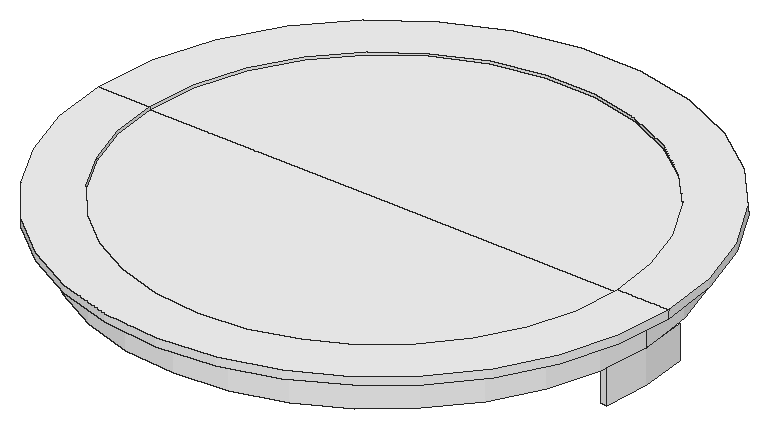
Revit family "0053978", category Lighting Fixtures, host Face, Revit 2017
Family settings
  Host = Face
  Round Connector Dimension = Use Diameter
  Part Type = Normal
  OmniClass Number = 23.80.70.11.14.11
  OmniClass Title = Downlights
  Cut with Voids When Loaded = No
  Light Source = Yes
  Shared = No
  Room Calculation Point = No
Parameters (values of type "0053978 SYLFLAT 205 IP44 2250LM 840 DIM ")
  Weight = "6.45 kg"
  Wattage Comments = "n/a"
  Wattage = 20 W
  WarrantyStartDate [instance] = "n/a"
  WarrantyGuarantorParts = "n/a"
  WarrantyDurationUnit = "year"
  WarrantyDurationParts = "n/a"
  WarrantyDescription = "n/a"
  built-in parameter 1150110 = 1 (stored number, unit not read)
  Voltage = 230 V
  URL = "http://www.sylvania-lighting.com"
  TypeName = "SYLFLAT 205 IP44 2250LM 840 DIM"
  Type Image = <None>
  Type Comments = "n/a"
  built-in parameter 1114217 = 1 (stored number, unit not read)
  Tilt Angle = -90.00°
  built-in parameter 1150109 = 1 (stored number, unit not read)
  built-in parameter 1150134 = 12
  built-in parameter 1150113 = 1 (stored number, unit not read)
  SpringMountStartAngle_FEILO = -SpringMountEndAngle_FEILO  # -10.00°
  SpringMountEndAngle_FEILO = 10.00°
  SerialNumber [instance] = "n/a"
  ReflectorMaterial = none
  RecessedHeight_FEILO = 26 mm
  RecessedDiameter_FEILO = 205 mm
  PowerFactor = 0
  PowerConsumption = "20 W"
  Photometric Web File = "0053978.ies"
  NominalLength = 222 mm
  NominalHeight = 26 mm
  NominalDepth = 222 mm
  Name = "SYLFLAT 205 IP44 2250LM 840 DIM"
  ModelReference = Name  # "SYLFLAT 205 IP44 2250LM 840 DIM"
  ModelNumber = "0053978"
  Model = Name  # "SYLFLAT 205 IP44 2250LM 840 DIM"
  Material = "Aluminium"
  ManufacturerName = "Feilo Sylvania"
  Manufacturer = "Feilo Sylvania"
  LuminousEfficacy = "112.5 lm/W"
  built-in parameter 1150105 = 179.05 (stored number, unit not read)
  Lumens = 2250 lm
  LuminaireType = "LED recessed downlight"
  built-in parameter 1150115 = 1 (stored number, unit not read)
  LightOutputRatio = "1"
  built-in parameter 1150137 = (empty or 0)
  built-in parameter 1150139 = (empty or 0)
  LampsType = Lamp  # "LED"
  LampNominalLuminous = "2250 lm"
  LampMacAdamStep = "n/a"
  LampColourTemperature = "4000 K"
  LampColourRenderingIndex = "80"
  built-in parameter 1150112 = 1 (stored number, unit not read)
  built-in parameter 1150114 = 1 (stored number, unit not read)
  Lamp = "LED"
  Keynote = "16500"
  InstallationDate [instance] = "n/a"
  InputVoltage = "220-240V~"
  InputNominalFrequency = "50/60 Hz"
  built-in parameter 1150132 = (empty or 0)
  built-in parameter 1150102 = (empty or 0)
  built-in parameter 1150107 = 4000 (stored number, unit not read)
  built-in parameter 1150138 = (empty or 0)
  IngressProtection = "IP44"
  ImpactProtectionIndex = "IK06"
  built-in parameter 1150106 = 1.7905 (stored number, unit not read)
  IfcExportType = "IfcLightFixtureType"
  IfcExportAs = "IfcLightFixtureType"
  ExpectedLife = 50000
  Emit from Circle Diameter = 182 mm
  Emit Shape Visible in Rendering = no
  ElectricShockClassification = "Class II"
  built-in parameter 1150104 = 10.452 (stored number, unit not read)
  DurationUnit = "hours"
  DocumentationLiterature = "http://www.sylvania-lighting.com/product/en-int/products/0053978"
  DimmingControlOptions = "Dimmable"
  Dimming Lamp Color Temperature Shift = <None>
  DiffuserMaterial = Diffuser-Sylvania-Glow
  Description = "Integrated LED recessed downlight providing 2220 fixture lumens at a wattage of 23W giving a high efficacy of 97lm/W. Fitting includes Leading/Trailing edge phase dimmable driver and has a round ceiling cut out of 205mm with an IP20 and IK02 rating providing uniform distribution with an Opal diffuser and 110° beam angle. Provided including a Loop in Loop out box and built Built white aluminium housing."
  Default Elevation = 1219.2 mm
  CutoutHeight_FEILO = RecessedHeight_FEILO + 10 mm  # 36 mm
  CreatedOn = "03-11-2017"
  CreatedBy = "aron.fodor@feilosylvania.com"
  Cost = 0
  Color Filter = 16777215
  built-in parameter 1114216 [instance] = (empty or 0)
  ClassificationValue = "EF_70_80"
  ClassificationName = "Uniclass2015"
  BodyWidth_FEILO = 222 mm
  BodyMaterial = Body-Sylvania-SylFlatDimmable-White
  BodyLength_FEILO = 222 mm
  BodyHeight_FEILO = 13 mm
  BarCode [instance] = "n/a"
  built-in parameter 1114218 = 1 (stored number, unit not read)
  built-in parameter 1150133 = 10 (stored number, unit not read)
  AssetType = "Fixed"
  AssetIdentifier [instance] = "n/a"
  Assembly Code = "D5020200"
  Apparent Load = 20 VA
  AccessoryMaterial = Diffuser-Sylvania-Glow
Reference planes
  plane 1 "Center (Front/Back)": y = 0
  plane 2: z = 0
  plane 3 "Center (Left/Right)": x = 0
  plane 4: x = 111
  plane 5: x = -111
  plane 6: y = 111
  plane 7: y = -111
  plane 8: z = 3
  plane 9: z = -26
  plane 10: x = 102.5
  plane 11: x = -102.5
  plane 12: y = 102.5
  plane 13: y = -102.5
  plane 14: z = 2
  plane 15: x = -91
  plane 16: z = -13
  plane 17: x = -100
  plane 18: x = 100
  plane 19: z = -36
Forms (mm)
  Revolve 1, solid, material "Body-Sylvania-SylFlatDimmable-White" <- "BodyMaterial"
    sketch origin (0, 0, 0) x (1, 0, 0) y (0, 0, 1)
      loop
        line (0, -13) -> (0, 2) -> (-91, 2) -> (-91, 3) -> (-111, 3) -> (-111, 0) -> (-102.5, 0) -> (-102.5, -13) -> (0, -13)
      axis (0, 3) -> (0, -13)
    angle from 360 to 0
  Revolve 2, solid, material "Body-Sylvania-SylFlatDimmable-White" <- "BodyMaterial"
    sketch origin (0.654, 0, 0) x (1, 0, 0) y (0, 0, 1)
      loop
        line (-103.154, -13) -> (-103.154, -26) -> (-100.654, -26) -> (-100.654, -13) -> (-103.154, -13)
      axis (-0.654, -13) -> (-0.654, -26)
    angle from -10 <- "SpringMountStartAngle_FEILO" to 10 <- "SpringMountEndAngle_FEILO"
  Revolve 3, solid, material "Body-Sylvania-SylFlatDimmable-White" <- "BodyMaterial"
    sketch origin (0, 0, 0) x (1, 0, 0) y (0, 0, 1)
      loop
        line (102.5, -13) -> (100, -13) -> (100, -26) -> (102.5, -26) -> (102.5, -13)
      axis (0, -13) -> (0, -26)
    angle from -10 <- "SpringMountStartAngle_FEILO" to 10 <- "SpringMountEndAngle_FEILO"
  Revolve 4, void
    sketch origin (0, 0, 0) x (1, 0, 0) y (0, 0, 1)
      loop
        line (0, 0) -> (-102.5, 0) -> (-102.5, -36) -> (0, -36) -> (0, 0)
      axis (0, 0) -> (0, -36)
    angle from 360 to 0
Cuts and joins
  joined: Revolve 1, Revolve 2, Revolve 3
Dimensions and locks
  equal spacing: plane 5, plane 3 "Center (Left/Right)", plane 4
  equal spacing: plane 7, plane 1 "Center (Front/Back)", plane 6
  "BodyWidth_FEILO": plane 7 to plane 6
  "BodyLength_FEILO": plane 5 to plane 4
  "RecessedHeight_FEILO": plane 2 to plane 9
  locked: plane 8 to plane 2 at 3
  equal spacing: plane 11, plane 3 "Center (Left/Right)", plane 10
  "RecessedDiameter_FEILO": plane 11 to plane 10
  equal spacing: plane 13, plane 1 "Center (Front/Back)", plane 12
  "RecessedDiameter_FEILO": plane 13 to plane 12
  locked: plane 14 to plane 2 at 2
  locked: plane 15 to plane 5 at 20
  "BodyHeight_FEILO": plane 2 to plane 16
  equal spacing: plane 18, plane 3 "Center (Left/Right)", plane 17
  locked: plane 17 to plane 11 at 2.5
  "CutoutHeight_FEILO": plane 2 to plane 19
  aligned and locked: plane 2 to host face
  aligned and locked: level to host face
  aligned and locked: plane 3 "Center (Left/Right)" to Revolve 1 sketch curve
  aligned and locked: Revolve 1 sketch curve to plane 14
  aligned and locked: plane 15 to Revolve 1 sketch curve
  aligned and locked: Revolve 1 sketch curve to plane 8
  aligned and locked: Revolve 1 sketch curve to plane 5
  aligned and locked: Revolve 1 sketch curve to plane 11
  aligned and locked: Revolve 1 sketch curve to plane 3 "Center (Left/Right)"
  aligned and locked: Revolve 1 sketch curve to level
  aligned and locked: plane 16 to Revolve 1 sketch curve
  aligned and locked: Revolve 2 sketch curve to Revolve 1  (x2)
  aligned and locked: Revolve 2 sketch curve to plane 9
  aligned and locked: Revolve 2 sketch curve to plane 17
  aligned and locked: Revolve 2 sketch curve to plane 3 "Center (Left/Right)"
  aligned and locked: Revolve 3 sketch curve to plane 3 "Center (Left/Right)"
  aligned and locked: Revolve 3 sketch curve to Revolve 1  (x2)
  aligned and locked: plane 9 to Revolve 3 sketch curve
  aligned and locked: Revolve 3 sketch curve to plane 18
  aligned and locked: Revolve 4 sketch curve to plane 3 "Center (Left/Right)"
  aligned and locked: plane 19 to Revolve 4 sketch curve
  aligned and locked: plane 3 "Center (Left/Right)" to Revolve 4 sketch curve
  aligned and locked: Revolve 4 sketch curve to plane 11
  aligned and locked: level to Revolve 4 sketch curve
  aligned and locked: imposter light to plane 14
  aligned and locked: plane 3 "Center (Left/Right)" to imposter light
  aligned and locked: imposter light to plane 1 "Center (Front/Back)"
Automatic sketch dimensions
  host sketch curve to host sketch curve = 2438.4 mm  (x2)
  plane 9 to Revolve 1 sketch curve = 587.6 mm
  Revolve 1 sketch curve to plane 8 = 2606.058 mm
  plane 9 to Revolve 2 sketch curve = 587.6 mm
  Revolve 2 sketch curve to plane 8 = 2606.058 mm
  plane 9 to Revolve 3 sketch curve = 587.6 mm
  Revolve 3 sketch curve to plane 8 = 2606.058 mm
  plane 19 to Revolve 4 sketch curve = 577.6 mm
  Revolve 4 sketch curve to plane 8 = 2606.058 mm
Connectors
  electrical at (0, 0, 0), driven by "Apparent Load", driven by "PowerFactor", driven by "Voltage"
    settings: index 1, voltage 230 V, apparent load 20 VA, apparent load phase1 0 VA, apparent load phase2 0 VA, apparent load phase3 0 VA, power factor 0, load classification "Lighting", number of poles 1, system type 30, power factor state 1, is connector primary yes, connector utility no, sub classification motor no, connector description ""
